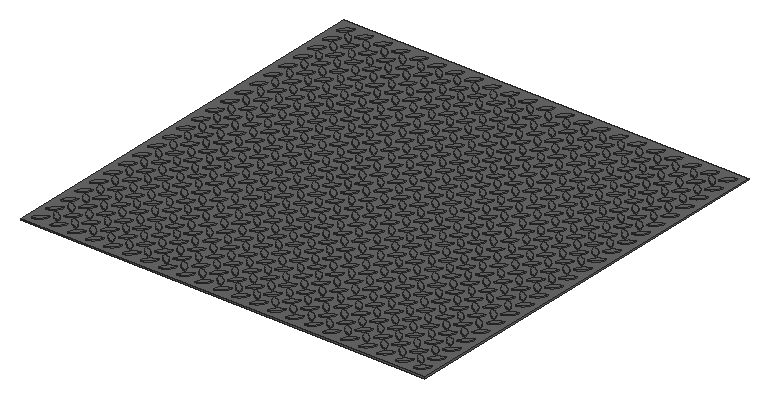
Revit family "141012021113804", category Modelos genéricos, Revit 2018 (continued)
Automatic sketch dimensions
  plane 9 "4" to Blend 85 sketch curve = 109.721 mm  (x2)
  Blend 85 sketch curve to plane 6 "3" = 111.721 mm  (x2)
  plane 9 "4" to Blend 86 sketch curve = 8.779 mm  (x2)
  Blend 86 sketch curve to plane 6 "3" = 89.221 mm  (x2)
  plane 9 "4" to Blend 87 sketch curve = 64.721 mm  (x2)
  Blend 87 sketch curve to plane 6 "3" = 111.721 mm  (x2)
  Blend 88 sketch curve to plane 7 = 44.221 mm  (x2)
  Blend 88 sketch curve to plane 6 "3" = 134.221 mm  (x2)
  Blend 89 sketch curve to plane 7 = 89.221 mm  (x2)
  Blend 89 sketch curve to plane 6 "3" = 134.221 mm  (x2)
  Blend 90 sketch curve to plane 7 = 33.279 mm  (x2)
  Blend 90 sketch curve to plane 6 "3" = 156.721 mm  (x2)
  Blend 91 sketch curve to plane 6 "3" = 134.221 mm  (x2)
  Blend 91 sketch curve to plane 7 = 134.221 mm  (x2)
  Blend 92 sketch curve to plane 7 = 78.279 mm  (x2)
  Blend 92 sketch curve to plane 6 "3" = 156.721 mm  (x2)
  Blend 93 sketch curve to plane 6 "3" = 134.221 mm  (x2)
  Blend 93 sketch curve to plane 7 = 179.221 mm  (x2)
  Blend 94 sketch curve to plane 7 = 123.279 mm  (x2)
  Blend 94 sketch curve to plane 6 "3" = 156.721 mm  (x2)
  Blend 95 sketch curve to plane 6 "3" = 134.221 mm  (x2)
  Blend 95 sketch curve to plane 7 = 224.221 mm  (x2)
  Blend 96 sketch curve to plane 6 "3" = 156.721 mm  (x2)
  Blend 96 sketch curve to plane 7 = 168.279 mm  (x2)
  Blend 97 sketch curve to plane 6 "3" = 134.221 mm  (x2)
  Blend 97 sketch curve to plane 7 = 269.221 mm  (x2)
  Blend 98 sketch curve to plane 6 "3" = 156.721 mm  (x2)
  Blend 98 sketch curve to plane 7 = 213.279 mm  (x2)
  Blend 99 sketch curve to plane 6 "3" = 134.221 mm  (x2)
  Blend 99 sketch curve to plane 7 = 314.221 mm  (x2)
  Blend 100 sketch curve to plane 6 "3" = 156.721 mm  (x2)
  Blend 100 sketch curve to plane 7 = 258.279 mm  (x2)
  Blend 101 sketch curve to plane 6 "3" = 134.221 mm  (x2)
  Blend 101 sketch curve to plane 7 = 359.221 mm  (x2)
  Blend 102 sketch curve to plane 6 "3" = 156.721 mm  (x2)
  Blend 102 sketch curve to plane 7 = 303.279 mm  (x2)
  Blend 103 sketch curve to plane 6 "3" = 134.221 mm  (x2)
  Blend 103 sketch curve to plane 7 = 404.221 mm  (x2)
  Blend 104 sketch curve to plane 6 "3" = 156.721 mm  (x2)
  Blend 104 sketch curve to plane 7 = 348.279 mm  (x2)
  Blend 105 sketch curve to plane 6 "3" = 134.221 mm  (x2)
  Blend 105 sketch curve to plane 7 = 449.221 mm  (x2)
  Blend 106 sketch curve to plane 6 "3" = 156.721 mm  (x2)
  Blend 106 sketch curve to plane 7 = 393.279 mm  (x2)
  Blend 107 sketch curve to plane 6 "3" = 134.221 mm  (x2)
  Blend 107 sketch curve to plane 7 = 494.221 mm  (x2)
  Blend 108 sketch curve to plane 6 "3" = 156.721 mm  (x2)
  Blend 108 sketch curve to plane 7 = 438.279 mm  (x2)
  Blend 109 sketch curve to plane 6 "3" = 134.221 mm  (x2)
  plane 9 "4" to Blend 109 sketch curve = 458.779 mm  (x2)
  Blend 110 sketch curve to plane 6 "3" = 156.721 mm  (x2)
  Blend 110 sketch curve to plane 7 = 483.279 mm  (x2)
  Blend 111 sketch curve to plane 6 "3" = 134.221 mm  (x2)
  plane 9 "4" to Blend 111 sketch curve = 413.779 mm  (x2)
  Blend 112 sketch curve to plane 6 "3" = 156.721 mm  (x2)
  plane 9 "4" to Blend 112 sketch curve = 469.721 mm  (x2)
  Blend 113 sketch curve to plane 6 "3" = 134.221 mm  (x2)
  plane 9 "4" to Blend 113 sketch curve = 368.779 mm  (x2)
  Blend 114 sketch curve to plane 6 "3" = 156.721 mm  (x2)
  plane 9 "4" to Blend 114 sketch curve = 424.721 mm  (x2)
  Blend 115 sketch curve to plane 6 "3" = 134.221 mm  (x2)
  plane 9 "4" to Blend 115 sketch curve = 323.779 mm  (x2)
  Blend 116 sketch curve to plane 6 "3" = 156.721 mm  (x2)
  plane 9 "4" to Blend 116 sketch curve = 379.721 mm  (x2)
  Blend 117 sketch curve to plane 6 "3" = 134.221 mm  (x2)
  plane 9 "4" to Blend 117 sketch curve = 278.779 mm  (x2)
  Blend 118 sketch curve to plane 6 "3" = 156.721 mm  (x2)
  plane 9 "4" to Blend 118 sketch curve = 334.721 mm  (x2)
  Blend 119 sketch curve to plane 6 "3" = 134.221 mm  (x2)
  plane 9 "4" to Blend 119 sketch curve = 233.779 mm  (x2)
  Blend 120 sketch curve to plane 6 "3" = 156.721 mm  (x2)
  plane 9 "4" to Blend 120 sketch curve = 289.721 mm  (x2)
  Blend 121 sketch curve to plane 6 "3" = 134.221 mm  (x2)
  plane 9 "4" to Blend 121 sketch curve = 188.779 mm  (x2)
  Blend 122 sketch curve to plane 6 "3" = 156.721 mm  (x2)
  plane 9 "4" to Blend 122 sketch curve = 244.721 mm  (x2)
  Blend 123 sketch curve to plane 6 "3" = 134.221 mm  (x2)
  plane 9 "4" to Blend 123 sketch curve = 143.779 mm  (x2)
  Blend 124 sketch curve to plane 6 "3" = 156.721 mm  (x2)
  plane 9 "4" to Blend 124 sketch curve = 199.721 mm  (x2)
  plane 9 "4" to Blend 125 sketch curve = 98.779 mm  (x2)
  Blend 125 sketch curve to plane 6 "3" = 134.221 mm  (x2)
  plane 9 "4" to Blend 126 sketch curve = 154.721 mm  (x2)
  Blend 126 sketch curve to plane 6 "3" = 156.721 mm  (x2)
  plane 9 "4" to Blend 127 sketch curve = 53.779 mm  (x2)
  Blend 127 sketch curve to plane 6 "3" = 134.221 mm  (x2)
  plane 9 "4" to Blend 128 sketch curve = 109.721 mm  (x2)
  Blend 128 sketch curve to plane 6 "3" = 156.721 mm  (x2)
  plane 9 "4" to Blend 129 sketch curve = 8.779 mm  (x2)
  Blend 129 sketch curve to plane 6 "3" = 134.221 mm  (x2)
  plane 9 "4" to Blend 130 sketch curve = 64.721 mm  (x2)
  Blend 130 sketch curve to plane 6 "3" = 156.721 mm  (x2)
  Blend 131 sketch curve to plane 7 = 44.221 mm  (x2)
  Blend 131 sketch curve to plane 6 "3" = 179.221 mm  (x2)
  Blend 132 sketch curve to plane 7 = 89.221 mm  (x2)
  Blend 132 sketch curve to plane 6 "3" = 179.221 mm  (x2)
  Blend 133 sketch curve to plane 7 = 33.279 mm  (x2)
  Blend 133 sketch curve to plane 6 "3" = 201.721 mm  (x2)
  Blend 134 sketch curve to plane 7 = 134.221 mm  (x2)
  Blend 134 sketch curve to plane 6 "3" = 179.221 mm  (x2)
  Blend 135 sketch curve to plane 7 = 78.279 mm  (x2)
  Blend 135 sketch curve to plane 6 "3" = 201.721 mm  (x2)
  Blend 136 sketch curve to plane 6 "3" = 179.221 mm  (x2)
  Blend 136 sketch curve to plane 7 = 179.221 mm  (x2)
  Blend 137 sketch curve to plane 7 = 123.279 mm  (x2)
  Blend 137 sketch curve to plane 6 "3" = 201.721 mm  (x2)
  Blend 138 sketch curve to plane 6 "3" = 179.221 mm  (x2)
  Blend 138 sketch curve to plane 7 = 224.221 mm  (x2)
  Blend 139 sketch curve to plane 7 = 168.279 mm  (x2)
  Blend 139 sketch curve to plane 6 "3" = 201.721 mm  (x2)
  Blend 140 sketch curve to plane 6 "3" = 179.221 mm  (x2)
  Blend 140 sketch curve to plane 7 = 269.221 mm  (x2)
  Blend 141 sketch curve to plane 6 "3" = 201.721 mm  (x2)
  Blend 141 sketch curve to plane 7 = 213.279 mm  (x2)
  Blend 142 sketch curve to plane 6 "3" = 179.221 mm  (x2)
  Blend 142 sketch curve to plane 7 = 314.221 mm  (x2)
  Blend 143 sketch curve to plane 6 "3" = 201.721 mm  (x2)
  Blend 143 sketch curve to plane 7 = 258.279 mm  (x2)
  Blend 144 sketch curve to plane 6 "3" = 179.221 mm  (x2)
  Blend 144 sketch curve to plane 7 = 359.221 mm  (x2)
  Blend 145 sketch curve to plane 6 "3" = 201.721 mm  (x2)
  Blend 145 sketch curve to plane 7 = 303.279 mm  (x2)
  Blend 146 sketch curve to plane 6 "3" = 179.221 mm  (x2)
  Blend 146 sketch curve to plane 7 = 404.221 mm  (x2)
  Blend 147 sketch curve to plane 6 "3" = 201.721 mm  (x2)
  Blend 147 sketch curve to plane 7 = 348.279 mm  (x2)
  Blend 148 sketch curve to plane 6 "3" = 179.221 mm  (x2)
  Blend 148 sketch curve to plane 7 = 449.221 mm  (x2)
  Blend 149 sketch curve to plane 6 "3" = 201.721 mm  (x2)
  Blend 149 sketch curve to plane 7 = 393.279 mm  (x2)
  Blend 150 sketch curve to plane 6 "3" = 179.221 mm  (x2)
  Blend 150 sketch curve to plane 7 = 494.221 mm  (x2)
  Blend 151 sketch curve to plane 6 "3" = 201.721 mm  (x2)
  Blend 151 sketch curve to plane 7 = 438.279 mm  (x2)
  Blend 152 sketch curve to plane 6 "3" = 179.221 mm  (x2)
  plane 9 "4" to Blend 152 sketch curve = 458.779 mm  (x2)
  Blend 153 sketch curve to plane 6 "3" = 201.721 mm  (x2)
  Blend 153 sketch curve to plane 7 = 483.279 mm  (x2)
  Blend 154 sketch curve to plane 6 "3" = 179.221 mm  (x2)
  plane 9 "4" to Blend 154 sketch curve = 413.779 mm  (x2)
  Blend 155 sketch curve to plane 6 "3" = 201.721 mm  (x2)
  plane 9 "4" to Blend 155 sketch curve = 469.721 mm  (x2)
  Blend 156 sketch curve to plane 6 "3" = 179.221 mm  (x2)
  plane 9 "4" to Blend 156 sketch curve = 368.779 mm  (x2)
  Blend 157 sketch curve to plane 6 "3" = 201.721 mm  (x2)
  plane 9 "4" to Blend 157 sketch curve = 424.721 mm  (x2)
  Blend 158 sketch curve to plane 6 "3" = 179.221 mm  (x2)
  plane 9 "4" to Blend 158 sketch curve = 323.779 mm  (x2)
  Blend 159 sketch curve to plane 6 "3" = 201.721 mm  (x2)
  plane 9 "4" to Blend 159 sketch curve = 379.721 mm  (x2)
  Blend 160 sketch curve to plane 6 "3" = 179.221 mm  (x2)
  plane 9 "4" to Blend 160 sketch curve = 278.779 mm  (x2)
  Blend 161 sketch curve to plane 6 "3" = 201.721 mm  (x2)
  plane 9 "4" to Blend 161 sketch curve = 334.721 mm  (x2)
  Blend 162 sketch curve to plane 6 "3" = 179.221 mm  (x2)
  plane 9 "4" to Blend 162 sketch curve = 233.779 mm  (x2)
  Blend 163 sketch curve to plane 6 "3" = 201.721 mm  (x2)
  plane 9 "4" to Blend 163 sketch curve = 289.721 mm  (x2)
  Blend 164 sketch curve to plane 6 "3" = 179.221 mm  (x2)
  plane 9 "4" to Blend 164 sketch curve = 188.779 mm  (x2)
  Blend 165 sketch curve to plane 6 "3" = 201.721 mm  (x2)
  plane 9 "4" to Blend 165 sketch curve = 244.721 mm  (x2)
  plane 9 "4" to Blend 166 sketch curve = 143.779 mm  (x2)
  Blend 166 sketch curve to plane 6 "3" = 179.221 mm  (x2)
  plane 9 "4" to Blend 167 sketch curve = 199.721 mm  (x2)
  Blend 167 sketch curve to plane 6 "3" = 201.721 mm  (x2)
  plane 9 "4" to Blend 168 sketch curve = 98.779 mm  (x2)
  Blend 168 sketch curve to plane 6 "3" = 179.221 mm  (x2)
  plane 9 "4" to Blend 169 sketch curve = 154.721 mm  (x2)
  Blend 169 sketch curve to plane 6 "3" = 201.721 mm  (x2)
  plane 9 "4" to Blend 170 sketch curve = 53.779 mm  (x2)
  Blend 170 sketch curve to plane 6 "3" = 179.221 mm  (x2)
  plane 9 "4" to Blend 171 sketch curve = 109.721 mm  (x2)
  Blend 171 sketch curve to plane 6 "3" = 201.721 mm  (x2)
  plane 9 "4" to Blend 172 sketch curve = 8.779 mm  (x2)
  Blend 172 sketch curve to plane 6 "3" = 179.221 mm  (x2)
  plane 9 "4" to Blend 173 sketch curve = 64.721 mm  (x2)
  Blend 173 sketch curve to plane 6 "3" = 201.721 mm  (x2)
  Blend 174 sketch curve to plane 7 = 44.221 mm  (x2)
  Blend 174 sketch curve to plane 6 "3" = 224.221 mm  (x2)
  Blend 175 sketch curve to plane 7 = 89.221 mm  (x2)
  Blend 175 sketch curve to plane 6 "3" = 224.221 mm  (x2)
  Blend 176 sketch curve to plane 7 = 33.279 mm  (x2)
  Blend 176 sketch curve to plane 6 "3" = 246.721 mm  (x2)
  Blend 177 sketch curve to plane 7 = 134.221 mm  (x2)
  Blend 177 sketch curve to plane 6 "3" = 224.221 mm  (x2)
  Blend 178 sketch curve to plane 7 = 78.279 mm  (x2)
  Blend 178 sketch curve to plane 6 "3" = 246.721 mm  (x2)
  Blend 179 sketch curve to plane 7 = 179.221 mm  (x2)
  Blend 179 sketch curve to plane 6 "3" = 224.221 mm  (x2)
  Blend 180 sketch curve to plane 7 = 123.279 mm  (x2)
  Blend 180 sketch curve to plane 6 "3" = 246.721 mm  (x2)
  Blend 181 sketch curve to plane 6 "3" = 224.221 mm  (x2)
  Blend 181 sketch curve to plane 7 = 224.221 mm  (x2)
  Blend 182 sketch curve to plane 7 = 168.279 mm  (x2)
  Blend 182 sketch curve to plane 6 "3" = 246.721 mm  (x2)
  Blend 183 sketch curve to plane 6 "3" = 224.221 mm  (x2)
  Blend 183 sketch curve to plane 7 = 269.221 mm  (x2)
  Blend 184 sketch curve to plane 7 = 213.279 mm  (x2)
  Blend 184 sketch curve to plane 6 "3" = 246.721 mm  (x2)
  Blend 185 sketch curve to plane 6 "3" = 224.221 mm  (x2)
  Blend 185 sketch curve to plane 7 = 314.221 mm  (x2)
  Blend 186 sketch curve to plane 6 "3" = 246.721 mm  (x2)
  Blend 186 sketch curve to plane 7 = 258.279 mm  (x2)
  Blend 187 sketch curve to plane 6 "3" = 224.221 mm  (x2)
  Blend 187 sketch curve to plane 7 = 359.221 mm  (x2)
  Blend 188 sketch curve to plane 6 "3" = 246.721 mm  (x2)
  Blend 188 sketch curve to plane 7 = 303.279 mm  (x2)
  Blend 189 sketch curve to plane 6 "3" = 224.221 mm  (x2)
  Blend 189 sketch curve to plane 7 = 404.221 mm  (x2)
  Blend 190 sketch curve to plane 6 "3" = 246.721 mm  (x2)
  Blend 190 sketch curve to plane 7 = 348.279 mm  (x2)
  Blend 191 sketch curve to plane 6 "3" = 224.221 mm  (x2)
  Blend 191 sketch curve to plane 7 = 449.221 mm  (x2)
  Blend 192 sketch curve to plane 6 "3" = 246.721 mm  (x2)
  Blend 192 sketch curve to plane 7 = 393.279 mm  (x2)
  Blend 193 sketch curve to plane 6 "3" = 224.221 mm  (x2)
  Blend 193 sketch curve to plane 7 = 494.221 mm  (x2)
  Blend 194 sketch curve to plane 6 "3" = 246.721 mm  (x2)
  Blend 194 sketch curve to plane 7 = 438.279 mm  (x2)
  Blend 195 sketch curve to plane 6 "3" = 224.221 mm  (x2)
  plane 9 "4" to Blend 195 sketch curve = 458.779 mm  (x2)
  Blend 196 sketch curve to plane 6 "3" = 246.721 mm  (x2)
  Blend 196 sketch curve to plane 7 = 483.279 mm  (x2)
  Blend 197 sketch curve to plane 6 "3" = 224.221 mm  (x2)
  plane 9 "4" to Blend 197 sketch curve = 413.779 mm  (x2)
  Blend 198 sketch curve to plane 6 "3" = 246.721 mm  (x2)
  plane 9 "4" to Blend 198 sketch curve = 469.721 mm  (x2)
  Blend 199 sketch curve to plane 6 "3" = 224.221 mm  (x2)
  plane 9 "4" to Blend 199 sketch curve = 368.779 mm  (x2)
  Blend 200 sketch curve to plane 6 "3" = 246.721 mm  (x2)
  plane 9 "4" to Blend 200 sketch curve = 424.721 mm  (x2)
  Blend 201 sketch curve to plane 6 "3" = 224.221 mm  (x2)
  plane 9 "4" to Blend 201 sketch curve = 323.779 mm  (x2)
  Blend 202 sketch curve to plane 6 "3" = 246.721 mm  (x2)
  plane 9 "4" to Blend 202 sketch curve = 379.721 mm  (x2)
  Blend 203 sketch curve to plane 6 "3" = 224.221 mm  (x2)
  plane 9 "4" to Blend 203 sketch curve = 278.779 mm  (x2)
  Blend 204 sketch curve to plane 6 "3" = 246.721 mm  (x2)
  plane 9 "4" to Blend 204 sketch curve = 334.721 mm  (x2)
  Blend 205 sketch curve to plane 6 "3" = 224.221 mm  (x2)
  plane 9 "4" to Blend 205 sketch curve = 233.779 mm  (x2)
  Blend 206 sketch curve to plane 6 "3" = 246.721 mm  (x2)
  plane 9 "4" to Blend 206 sketch curve = 289.721 mm  (x2)
  plane 9 "4" to Blend 207 sketch curve = 188.779 mm  (x2)
  Blend 207 sketch curve to plane 6 "3" = 224.221 mm  (x2)
  plane 9 "4" to Blend 208 sketch curve = 244.721 mm  (x2)
  Blend 208 sketch curve to plane 6 "3" = 246.721 mm  (x2)
  plane 9 "4" to Blend 209 sketch curve = 143.779 mm  (x2)
  Blend 209 sketch curve to plane 6 "3" = 224.221 mm  (x2)
  plane 9 "4" to Blend 210 sketch curve = 199.721 mm  (x2)
  Blend 210 sketch curve to plane 6 "3" = 246.721 mm  (x2)
  plane 9 "4" to Blend 211 sketch curve = 98.779 mm  (x2)
  Blend 211 sketch curve to plane 6 "3" = 224.221 mm  (x2)
  plane 9 "4" to Blend 212 sketch curve = 154.721 mm  (x2)
  Blend 212 sketch curve to plane 6 "3" = 246.721 mm  (x2)
  plane 9 "4" to Blend 213 sketch curve = 53.779 mm  (x2)
  Blend 213 sketch curve to plane 6 "3" = 224.221 mm  (x2)
  plane 9 "4" to Blend 214 sketch curve = 109.721 mm  (x2)
  Blend 214 sketch curve to plane 6 "3" = 246.721 mm  (x2)
  plane 9 "4" to Blend 215 sketch curve = 8.779 mm  (x2)
  Blend 215 sketch curve to plane 6 "3" = 224.221 mm  (x2)
  plane 9 "4" to Blend 216 sketch curve = 64.721 mm  (x2)
  Blend 216 sketch curve to plane 6 "3" = 246.721 mm  (x2)
  Blend 217 sketch curve to plane 7 = 44.221 mm  (x2)
  plane 1 "Center F/B" to Blend 217 sketch curve = 230.779 mm  (x2)
  Blend 218 sketch curve to plane 7 = 89.221 mm  (x2)
  plane 1 "Center F/B" to Blend 218 sketch curve = 230.779 mm  (x2)
  Blend 219 sketch curve to plane 7 = 33.279 mm  (x2)
  plane 1 "Center F/B" to Blend 219 sketch curve = 208.279 mm  (x2)
  Blend 220 sketch curve to plane 7 = 134.221 mm  (x2)
  plane 1 "Center F/B" to Blend 220 sketch curve = 230.779 mm  (x2)
  Blend 221 sketch curve to plane 7 = 78.279 mm  (x2)
  plane 1 "Center F/B" to Blend 221 sketch curve = 208.279 mm  (x2)
  Blend 222 sketch curve to plane 7 = 179.221 mm  (x2)
  plane 1 "Center F/B" to Blend 222 sketch curve = 230.779 mm  (x2)
  Blend 223 sketch curve to plane 7 = 123.279 mm  (x2)
  plane 1 "Center F/B" to Blend 223 sketch curve = 208.279 mm  (x2)
  Blend 224 sketch curve to plane 7 = 224.221 mm  (x2)
  plane 1 "Center F/B" to Blend 224 sketch curve = 230.779 mm  (x2)
  Blend 225 sketch curve to plane 7 = 168.279 mm  (x2)
  plane 1 "Center F/B" to Blend 225 sketch curve = 208.279 mm  (x2)
  plane 1 "Center F/B" to Blend 226 sketch curve = 230.779 mm  (x2)
  Blend 226 sketch curve to plane 7 = 269.221 mm  (x2)
  plane 1 "Center F/B" to Blend 227 sketch curve = 208.279 mm  (x2)
  Blend 227 sketch curve to plane 7 = 213.279 mm  (x2)
  plane 1 "Center F/B" to Blend 228 sketch curve = 230.779 mm  (x2)
  Blend 228 sketch curve to plane 7 = 314.221 mm  (x2)
  plane 1 "Center F/B" to Blend 229 sketch curve = 208.279 mm  (x2)
  Blend 229 sketch curve to plane 7 = 258.279 mm  (x2)
  plane 1 "Center F/B" to Blend 230 sketch curve = 230.779 mm  (x2)
  Blend 230 sketch curve to plane 7 = 359.221 mm  (x2)
  plane 1 "Center F/B" to Blend 231 sketch curve = 208.279 mm  (x2)
  Blend 231 sketch curve to plane 7 = 303.279 mm  (x2)
  plane 1 "Center F/B" to Blend 232 sketch curve = 230.779 mm  (x2)
  Blend 232 sketch curve to plane 7 = 404.221 mm  (x2)
  plane 1 "Center F/B" to Blend 233 sketch curve = 208.279 mm  (x2)
  Blend 233 sketch curve to plane 7 = 348.279 mm  (x2)
  plane 1 "Center F/B" to Blend 234 sketch curve = 230.779 mm  (x2)
  Blend 234 sketch curve to plane 7 = 449.221 mm  (x2)
  plane 1 "Center F/B" to Blend 235 sketch curve = 208.279 mm  (x2)
  Blend 235 sketch curve to plane 7 = 393.279 mm  (x2)
  plane 1 "Center F/B" to Blend 236 sketch curve = 230.779 mm  (x2)
  Blend 236 sketch curve to plane 7 = 494.221 mm  (x2)
  plane 1 "Center F/B" to Blend 237 sketch curve = 208.279 mm  (x2)
  Blend 237 sketch curve to plane 7 = 438.279 mm  (x2)
  plane 1 "Center F/B" to Blend 238 sketch curve = 230.779 mm  (x2)
  plane 9 "4" to Blend 238 sketch curve = 458.779 mm  (x2)
  plane 1 "Center F/B" to Blend 239 sketch curve = 208.279 mm  (x2)
  Blend 239 sketch curve to plane 7 = 483.279 mm  (x2)
  plane 1 "Center F/B" to Blend 240 sketch curve = 230.779 mm  (x2)
  plane 9 "4" to Blend 240 sketch curve = 413.779 mm  (x2)
  plane 1 "Center F/B" to Blend 241 sketch curve = 208.279 mm  (x2)
  plane 9 "4" to Blend 241 sketch curve = 469.721 mm  (x2)
  plane 1 "Center F/B" to Blend 242 sketch curve = 230.779 mm  (x2)
  plane 9 "4" to Blend 242 sketch curve = 368.779 mm  (x2)
  plane 1 "Center F/B" to Blend 243 sketch curve = 208.279 mm  (x2)
  plane 9 "4" to Blend 243 sketch curve = 424.721 mm  (x2)
  plane 1 "Center F/B" to Blend 244 sketch curve = 230.779 mm  (x2)
  plane 9 "4" to Blend 244 sketch curve = 323.779 mm  (x2)
  plane 1 "Center F/B" to Blend 245 sketch curve = 208.279 mm  (x2)
  plane 9 "4" to Blend 245 sketch curve = 379.721 mm  (x2)
  plane 1 "Center F/B" to Blend 246 sketch curve = 230.779 mm  (x2)
  plane 9 "4" to Blend 246 sketch curve = 278.779 mm  (x2)
  plane 1 "Center F/B" to Blend 247 sketch curve = 208.279 mm  (x2)
  plane 9 "4" to Blend 247 sketch curve = 334.721 mm  (x2)
  plane 1 "Center F/B" to Blend 248 sketch curve = 230.779 mm  (x2)
  plane 9 "4" to Blend 248 sketch curve = 233.779 mm  (x2)
  plane 1 "Center F/B" to Blend 249 sketch curve = 208.279 mm  (x2)
  plane 9 "4" to Blend 249 sketch curve = 289.721 mm  (x2)
  plane 9 "4" to Blend 250 sketch curve = 188.779 mm  (x2)
  plane 1 "Center F/B" to Blend 250 sketch curve = 230.779 mm  (x2)
  plane 1 "Center F/B" to Blend 251 sketch curve = 208.279 mm  (x2)
  plane 9 "4" to Blend 251 sketch curve = 244.721 mm  (x2)
  plane 9 "4" to Blend 252 sketch curve = 143.779 mm  (x2)
  plane 1 "Center F/B" to Blend 252 sketch curve = 230.779 mm  (x2)
  plane 9 "4" to Blend 253 sketch curve = 199.721 mm  (x2)
  plane 1 "Center F/B" to Blend 253 sketch curve = 208.279 mm  (x2)
  plane 9 "4" to Blend 254 sketch curve = 98.779 mm  (x2)
  plane 1 "Center F/B" to Blend 254 sketch curve = 230.779 mm  (x2)
  plane 9 "4" to Blend 255 sketch curve = 154.721 mm  (x2)
  plane 1 "Center F/B" to Blend 255 sketch curve = 208.279 mm  (x2)
  plane 9 "4" to Blend 256 sketch curve = 53.779 mm  (x2)
  plane 1 "Center F/B" to Blend 256 sketch curve = 230.779 mm  (x2)
  plane 9 "4" to Blend 257 sketch curve = 109.721 mm  (x2)
  plane 1 "Center F/B" to Blend 257 sketch curve = 208.279 mm  (x2)
  plane 9 "4" to Blend 258 sketch curve = 8.779 mm  (x2)
  plane 1 "Center F/B" to Blend 258 sketch curve = 230.779 mm  (x2)
  plane 9 "4" to Blend 259 sketch curve = 64.721 mm  (x2)
  plane 1 "Center F/B" to Blend 259 sketch curve = 208.279 mm  (x2)
  Blend 260 sketch curve to plane 7 = 44.221 mm  (x2)
  plane 1 "Center F/B" to Blend 260 sketch curve = 185.779 mm  (x2)
  Blend 261 sketch curve to plane 7 = 89.221 mm  (x2)
  plane 1 "Center F/B" to Blend 261 sketch curve = 185.779 mm  (x2)
  Blend 262 sketch curve to plane 7 = 33.279 mm  (x2)
  plane 1 "Center F/B" to Blend 262 sketch curve = 163.279 mm  (x2)
  Blend 263 sketch curve to plane 7 = 134.221 mm  (x2)
  plane 1 "Center F/B" to Blend 263 sketch curve = 185.779 mm  (x2)
  Blend 264 sketch curve to plane 7 = 78.279 mm  (x2)
  plane 1 "Center F/B" to Blend 264 sketch curve = 163.279 mm  (x2)
  Blend 265 sketch curve to plane 7 = 179.221 mm  (x2)
  plane 1 "Center F/B" to Blend 265 sketch curve = 185.779 mm  (x2)
  Blend 266 sketch curve to plane 7 = 123.279 mm  (x2)
  plane 1 "Center F/B" to Blend 266 sketch curve = 163.279 mm  (x2)
  plane 1 "Center F/B" to Blend 267 sketch curve = 185.779 mm  (x2)
  Blend 267 sketch curve to plane 7 = 224.221 mm  (x2)
  plane 1 "Center F/B" to Blend 268 sketch curve = 163.279 mm  (x2)
  Blend 268 sketch curve to plane 7 = 168.279 mm  (x2)
  plane 1 "Center F/B" to Blend 269 sketch curve = 185.779 mm  (x2)
  Blend 269 sketch curve to plane 7 = 269.221 mm  (x2)
  plane 1 "Center F/B" to Blend 270 sketch curve = 163.279 mm  (x2)
  Blend 270 sketch curve to plane 7 = 213.279 mm  (x2)
  plane 1 "Center F/B" to Blend 271 sketch curve = 185.779 mm  (x2)
  Blend 271 sketch curve to plane 7 = 314.221 mm  (x2)
  plane 1 "Center F/B" to Blend 272 sketch curve = 163.279 mm  (x2)
  Blend 272 sketch curve to plane 7 = 258.279 mm  (x2)
  plane 1 "Center F/B" to Blend 273 sketch curve = 185.779 mm  (x2)
  Blend 273 sketch curve to plane 7 = 359.221 mm  (x2)
  plane 1 "Center F/B" to Blend 274 sketch curve = 163.279 mm  (x2)
  Blend 274 sketch curve to plane 7 = 303.279 mm  (x2)
  plane 1 "Center F/B" to Blend 275 sketch curve = 185.779 mm  (x2)
  Blend 275 sketch curve to plane 7 = 404.221 mm  (x2)
  plane 1 "Center F/B" to Blend 276 sketch curve = 163.279 mm  (x2)
  Blend 276 sketch curve to plane 7 = 348.279 mm  (x2)
  plane 1 "Center F/B" to Blend 277 sketch curve = 185.779 mm  (x2)
  Blend 277 sketch curve to plane 7 = 449.221 mm  (x2)
  plane 1 "Center F/B" to Blend 278 sketch curve = 163.279 mm  (x2)
  Blend 278 sketch curve to plane 7 = 393.279 mm  (x2)
  plane 1 "Center F/B" to Blend 279 sketch curve = 185.779 mm  (x2)
  Blend 279 sketch curve to plane 7 = 494.221 mm  (x2)
  plane 1 "Center F/B" to Blend 280 sketch curve = 163.279 mm  (x2)
  Blend 280 sketch curve to plane 7 = 438.279 mm  (x2)
  plane 1 "Center F/B" to Blend 281 sketch curve = 185.779 mm  (x2)
  plane 9 "4" to Blend 281 sketch curve = 458.779 mm  (x2)
  plane 1 "Center F/B" to Blend 282 sketch curve = 163.279 mm  (x2)
  Blend 282 sketch curve to plane 7 = 483.279 mm  (x2)
  plane 1 "Center F/B" to Blend 283 sketch curve = 185.779 mm  (x2)
  plane 9 "4" to Blend 283 sketch curve = 413.779 mm  (x2)
  plane 1 "Center F/B" to Blend 284 sketch curve = 163.279 mm  (x2)
  plane 9 "4" to Blend 284 sketch curve = 469.721 mm  (x2)
  plane 1 "Center F/B" to Blend 285 sketch curve = 185.779 mm  (x2)
  plane 9 "4" to Blend 285 sketch curve = 368.779 mm  (x2)
  plane 1 "Center F/B" to Blend 286 sketch curve = 163.279 mm  (x2)
  plane 9 "4" to Blend 286 sketch curve = 424.721 mm  (x2)
  plane 1 "Center F/B" to Blend 287 sketch curve = 185.779 mm  (x2)
  plane 9 "4" to Blend 287 sketch curve = 323.779 mm  (x2)
  plane 1 "Center F/B" to Blend 288 sketch curve = 163.279 mm  (x2)
  plane 9 "4" to Blend 288 sketch curve = 379.721 mm  (x2)
  plane 1 "Center F/B" to Blend 289 sketch curve = 185.779 mm  (x2)
  plane 9 "4" to Blend 289 sketch curve = 278.779 mm  (x2)
  plane 1 "Center F/B" to Blend 290 sketch curve = 163.279 mm  (x2)
  plane 9 "4" to Blend 290 sketch curve = 334.721 mm  (x2)
  plane 1 "Center F/B" to Blend 291 sketch curve = 185.779 mm  (x2)
  plane 9 "4" to Blend 291 sketch curve = 233.779 mm  (x2)
  plane 1 "Center F/B" to Blend 292 sketch curve = 163.279 mm  (x2)
  plane 9 "4" to Blend 292 sketch curve = 289.721 mm  (x2)
  plane 1 "Center F/B" to Blend 293 sketch curve = 185.779 mm  (x2)
  plane 9 "4" to Blend 293 sketch curve = 188.779 mm  (x2)
  plane 1 "Center F/B" to Blend 294 sketch curve = 163.279 mm  (x2)
  plane 9 "4" to Blend 294 sketch curve = 244.721 mm  (x2)
  plane 9 "4" to Blend 295 sketch curve = 143.779 mm  (x2)
  plane 1 "Center F/B" to Blend 295 sketch curve = 185.779 mm  (x2)
  plane 1 "Center F/B" to Blend 296 sketch curve = 163.279 mm  (x2)
  plane 9 "4" to Blend 296 sketch curve = 199.721 mm  (x2)
  plane 9 "4" to Blend 297 sketch curve = 98.779 mm  (x2)
  plane 1 "Center F/B" to Blend 297 sketch curve = 185.779 mm  (x2)
  plane 9 "4" to Blend 298 sketch curve = 154.721 mm  (x2)
  plane 1 "Center F/B" to Blend 298 sketch curve = 163.279 mm  (x2)
  plane 9 "4" to Blend 299 sketch curve = 53.779 mm  (x2)
  plane 1 "Center F/B" to Blend 299 sketch curve = 185.779 mm  (x2)
  plane 9 "4" to Blend 300 sketch curve = 109.721 mm  (x2)
  plane 1 "Center F/B" to Blend 300 sketch curve = 163.279 mm  (x2)
  plane 9 "4" to Blend 301 sketch curve = 8.779 mm  (x2)
  plane 1 "Center F/B" to Blend 301 sketch curve = 185.779 mm  (x2)
  plane 9 "4" to Blend 302 sketch curve = 64.721 mm  (x2)
  plane 1 "Center F/B" to Blend 302 sketch curve = 163.279 mm  (x2)
  Blend 303 sketch curve to plane 7 = 44.221 mm  (x2)
  plane 1 "Center F/B" to Blend 303 sketch curve = 140.779 mm  (x2)
  Blend 304 sketch curve to plane 7 = 89.221 mm  (x2)
  plane 1 "Center F/B" to Blend 304 sketch curve = 140.779 mm  (x2)
  Blend 305 sketch curve to plane 7 = 33.279 mm  (x2)
  plane 1 "Center F/B" to Blend 305 sketch curve = 118.279 mm  (x2)
  Blend 306 sketch curve to plane 7 = 134.221 mm  (x2)
  plane 1 "Center F/B" to Blend 306 sketch curve = 140.779 mm  (x2)
  Blend 307 sketch curve to plane 7 = 78.279 mm  (x2)
  plane 1 "Center F/B" to Blend 307 sketch curve = 118.279 mm  (x2)
  plane 1 "Center F/B" to Blend 308 sketch curve = 140.779 mm  (x2)
  Blend 308 sketch curve to plane 7 = 179.221 mm  (x2)
  plane 1 "Center F/B" to Blend 309 sketch curve = 118.279 mm  (x2)
  Blend 309 sketch curve to plane 7 = 123.279 mm  (x2)
  plane 1 "Center F/B" to Blend 310 sketch curve = 140.779 mm  (x2)
  Blend 310 sketch curve to plane 7 = 224.221 mm  (x2)
  plane 1 "Center F/B" to Blend 311 sketch curve = 118.279 mm  (x2)
  Blend 311 sketch curve to plane 7 = 168.279 mm  (x2)
  plane 1 "Center F/B" to Blend 312 sketch curve = 140.779 mm  (x2)
  Blend 312 sketch curve to plane 7 = 269.221 mm  (x2)
  plane 1 "Center F/B" to Blend 313 sketch curve = 118.279 mm  (x2)
  Blend 313 sketch curve to plane 7 = 213.279 mm  (x2)
  plane 1 "Center F/B" to Blend 314 sketch curve = 140.779 mm  (x2)
  Blend 314 sketch curve to plane 7 = 314.221 mm  (x2)
  plane 1 "Center F/B" to Blend 315 sketch curve = 118.279 mm  (x2)
  Blend 315 sketch curve to plane 7 = 258.279 mm  (x2)
  plane 1 "Center F/B" to Blend 316 sketch curve = 140.779 mm  (x2)
  Blend 316 sketch curve to plane 7 = 359.221 mm  (x2)
  plane 1 "Center F/B" to Blend 317 sketch curve = 118.279 mm  (x2)
  Blend 317 sketch curve to plane 7 = 303.279 mm  (x2)
  plane 1 "Center F/B" to Blend 318 sketch curve = 140.779 mm  (x2)
  Blend 318 sketch curve to plane 7 = 404.221 mm  (x2)
  plane 1 "Center F/B" to Blend 319 sketch curve = 118.279 mm  (x2)
  Blend 319 sketch curve to plane 7 = 348.279 mm  (x2)
  plane 1 "Center F/B" to Blend 320 sketch curve = 140.779 mm  (x2)
  Blend 320 sketch curve to plane 7 = 449.221 mm  (x2)
  plane 1 "Center F/B" to Blend 321 sketch curve = 118.279 mm  (x2)
  Blend 321 sketch curve to plane 7 = 393.279 mm  (x2)
  plane 1 "Center F/B" to Blend 322 sketch curve = 140.779 mm  (x2)
  Blend 322 sketch curve to plane 7 = 494.221 mm  (x2)
  plane 1 "Center F/B" to Blend 323 sketch curve = 118.279 mm  (x2)
  Blend 323 sketch curve to plane 7 = 438.279 mm  (x2)
  plane 1 "Center F/B" to Blend 324 sketch curve = 140.779 mm  (x2)
  plane 9 "4" to Blend 324 sketch curve = 458.779 mm  (x2)
  plane 1 "Center F/B" to Blend 325 sketch curve = 118.279 mm  (x2)
  Blend 325 sketch curve to plane 7 = 483.279 mm  (x2)
  plane 1 "Center F/B" to Blend 326 sketch curve = 140.779 mm  (x2)
  plane 9 "4" to Blend 326 sketch curve = 413.779 mm  (x2)
  plane 1 "Center F/B" to Blend 327 sketch curve = 118.279 mm  (x2)
  plane 9 "4" to Blend 327 sketch curve = 469.721 mm  (x2)
  plane 1 "Center F/B" to Blend 328 sketch curve = 140.779 mm  (x2)
  plane 9 "4" to Blend 328 sketch curve = 368.779 mm  (x2)
  plane 1 "Center F/B" to Blend 329 sketch curve = 118.279 mm  (x2)
  plane 9 "4" to Blend 329 sketch curve = 424.721 mm  (x2)
  plane 1 "Center F/B" to Blend 330 sketch curve = 140.779 mm  (x2)
  plane 9 "4" to Blend 330 sketch curve = 323.779 mm  (x2)
  plane 1 "Center F/B" to Blend 331 sketch curve = 118.279 mm  (x2)
  plane 9 "4" to Blend 331 sketch curve = 379.721 mm  (x2)
  plane 1 "Center F/B" to Blend 332 sketch curve = 140.779 mm  (x2)
  plane 9 "4" to Blend 332 sketch curve = 278.779 mm  (x2)
  plane 1 "Center F/B" to Blend 333 sketch curve = 118.279 mm  (x2)
  plane 9 "4" to Blend 333 sketch curve = 334.721 mm  (x2)
  plane 1 "Center F/B" to Blend 334 sketch curve = 140.779 mm  (x2)
  plane 9 "4" to Blend 334 sketch curve = 233.779 mm  (x2)
  plane 1 "Center F/B" to Blend 335 sketch curve = 118.279 mm  (x2)
  plane 9 "4" to Blend 335 sketch curve = 289.721 mm  (x2)
  plane 1 "Center F/B" to Blend 336 sketch curve = 140.779 mm  (x2)
  plane 9 "4" to Blend 336 sketch curve = 188.779 mm  (x2)
  plane 1 "Center F/B" to Blend 337 sketch curve = 118.279 mm  (x2)
  plane 9 "4" to Blend 337 sketch curve = 244.721 mm  (x2)
  plane 1 "Center F/B" to Blend 338 sketch curve = 140.779 mm  (x2)
  plane 9 "4" to Blend 338 sketch curve = 143.779 mm  (x2)
  plane 1 "Center F/B" to Blend 339 sketch curve = 118.279 mm  (x2)
  plane 9 "4" to Blend 339 sketch curve = 199.721 mm  (x2)
  plane 9 "4" to Blend 340 sketch curve = 98.779 mm  (x2)
  plane 1 "Center F/B" to Blend 340 sketch curve = 140.779 mm  (x2)
  plane 1 "Center F/B" to Blend 341 sketch curve = 118.279 mm  (x2)
  plane 9 "4" to Blend 341 sketch curve = 154.721 mm  (x2)
  plane 9 "4" to Blend 342 sketch curve = 53.779 mm  (x2)
  plane 1 "Center F/B" to Blend 342 sketch curve = 140.779 mm  (x2)
  plane 9 "4" to Blend 343 sketch curve = 109.721 mm  (x2)
  plane 1 "Center F/B" to Blend 343 sketch curve = 118.279 mm  (x2)
  plane 9 "4" to Blend 344 sketch curve = 8.779 mm  (x2)
  plane 1 "Center F/B" to Blend 344 sketch curve = 140.779 mm  (x2)
  plane 9 "4" to Blend 345 sketch curve = 64.721 mm  (x2)
  plane 1 "Center F/B" to Blend 345 sketch curve = 118.279 mm  (x2)
  Blend 346 sketch curve to plane 7 = 44.221 mm  (x2)
  plane 1 "Center F/B" to Blend 346 sketch curve = 95.779 mm  (x2)
  Blend 347 sketch curve to plane 7 = 89.221 mm  (x2)
  plane 1 "Center F/B" to Blend 347 sketch curve = 95.779 mm  (x2)
  Blend 348 sketch curve to plane 7 = 33.279 mm  (x2)
  plane 1 "Center F/B" to Blend 348 sketch curve = 73.279 mm  (x2)
  plane 1 "Center F/B" to Blend 349 sketch curve = 95.779 mm  (x2)
  Blend 349 sketch curve to plane 7 = 134.221 mm  (x2)
  plane 1 "Center F/B" to Blend 350 sketch curve = 73.279 mm  (x2)
  Blend 350 sketch curve to plane 7 = 78.279 mm  (x2)
  plane 1 "Center F/B" to Blend 351 sketch curve = 95.779 mm  (x2)
  Blend 351 sketch curve to plane 7 = 179.221 mm  (x2)
  plane 1 "Center F/B" to Blend 352 sketch curve = 73.279 mm  (x2)
  Blend 352 sketch curve to plane 7 = 123.279 mm  (x2)
  plane 1 "Center F/B" to Blend 353 sketch curve = 95.779 mm  (x2)
  Blend 353 sketch curve to plane 7 = 224.221 mm  (x2)
  plane 1 "Center F/B" to Blend 354 sketch curve = 73.279 mm  (x2)
  Blend 354 sketch curve to plane 7 = 168.279 mm  (x2)
  plane 1 "Center F/B" to Blend 355 sketch curve = 95.779 mm  (x2)
  Blend 355 sketch curve to plane 7 = 269.221 mm  (x2)
  plane 1 "Center F/B" to Blend 356 sketch curve = 73.279 mm  (x2)
  Blend 356 sketch curve to plane 7 = 213.279 mm  (x2)
  plane 1 "Center F/B" to Blend 357 sketch curve = 95.779 mm  (x2)
  Blend 357 sketch curve to plane 7 = 314.221 mm  (x2)
  plane 1 "Center F/B" to Blend 358 sketch curve = 73.279 mm  (x2)
  Blend 358 sketch curve to plane 7 = 258.279 mm  (x2)
  plane 1 "Center F/B" to Blend 359 sketch curve = 95.779 mm  (x2)
  Blend 359 sketch curve to plane 7 = 359.221 mm  (x2)
  plane 1 "Center F/B" to Blend 360 sketch curve = 73.279 mm  (x2)
  Blend 360 sketch curve to plane 7 = 303.279 mm  (x2)
  plane 1 "Center F/B" to Blend 361 sketch curve = 95.779 mm  (x2)
  Blend 361 sketch curve to plane 7 = 404.221 mm  (x2)
  plane 1 "Center F/B" to Blend 362 sketch curve = 73.279 mm  (x2)
  Blend 362 sketch curve to plane 7 = 348.279 mm  (x2)
  plane 1 "Center F/B" to Blend 363 sketch curve = 95.779 mm  (x2)
  Blend 363 sketch curve to plane 7 = 449.221 mm  (x2)
  plane 1 "Center F/B" to Blend 364 sketch curve = 73.279 mm  (x2)
  Blend 364 sketch curve to plane 7 = 393.279 mm  (x2)
  plane 1 "Center F/B" to Blend 365 sketch curve = 95.779 mm  (x2)
  Blend 365 sketch curve to plane 7 = 494.221 mm  (x2)
  plane 1 "Center F/B" to Blend 366 sketch curve = 73.279 mm  (x2)
  Blend 366 sketch curve to plane 7 = 438.279 mm  (x2)
  plane 1 "Center F/B" to Blend 367 sketch curve = 95.779 mm  (x2)
  plane 9 "4" to Blend 367 sketch curve = 458.779 mm  (x2)
  plane 1 "Center F/B" to Blend 368 sketch curve = 73.279 mm  (x2)
  Blend 368 sketch curve to plane 7 = 483.279 mm  (x2)
  plane 1 "Center F/B" to Blend 369 sketch curve = 95.779 mm  (x2)
  plane 9 "4" to Blend 369 sketch curve = 413.779 mm  (x2)
  plane 1 "Center F/B" to Blend 370 sketch curve = 73.279 mm  (x2)
  plane 9 "4" to Blend 370 sketch curve = 469.721 mm  (x2)
  plane 1 "Center F/B" to Blend 371 sketch curve = 95.779 mm  (x2)
  plane 9 "4" to Blend 371 sketch curve = 368.779 mm  (x2)
  plane 1 "Center F/B" to Blend 372 sketch curve = 73.279 mm  (x2)
  plane 9 "4" to Blend 372 sketch curve = 424.721 mm  (x2)
  plane 1 "Center F/B" to Blend 373 sketch curve = 95.779 mm  (x2)
  plane 9 "4" to Blend 373 sketch curve = 323.779 mm  (x2)
  plane 1 "Center F/B" to Blend 374 sketch curve = 73.279 mm  (x2)
  plane 9 "4" to Blend 374 sketch curve = 379.721 mm  (x2)
  plane 1 "Center F/B" to Blend 375 sketch curve = 95.779 mm  (x2)
  plane 9 "4" to Blend 375 sketch curve = 278.779 mm  (x2)
  plane 1 "Center F/B" to Blend 376 sketch curve = 73.279 mm  (x2)
  plane 9 "4" to Blend 376 sketch curve = 334.721 mm  (x2)
  plane 1 "Center F/B" to Blend 377 sketch curve = 95.779 mm  (x2)
  plane 9 "4" to Blend 377 sketch curve = 233.779 mm  (x2)
  plane 1 "Center F/B" to Blend 378 sketch curve = 73.279 mm  (x2)
  plane 9 "4" to Blend 378 sketch curve = 289.721 mm  (x2)
  plane 1 "Center F/B" to Blend 379 sketch curve = 95.779 mm  (x2)
  plane 9 "4" to Blend 379 sketch curve = 188.779 mm  (x2)
  plane 1 "Center F/B" to Blend 380 sketch curve = 73.279 mm  (x2)
  plane 9 "4" to Blend 380 sketch curve = 244.721 mm  (x2)
  plane 1 "Center F/B" to Blend 381 sketch curve = 95.779 mm  (x2)
  plane 9 "4" to Blend 381 sketch curve = 143.779 mm  (x2)
  plane 1 "Center F/B" to Blend 382 sketch curve = 73.279 mm  (x2)
  plane 9 "4" to Blend 382 sketch curve = 199.721 mm  (x2)
  plane 1 "Center F/B" to Blend 383 sketch curve = 95.779 mm  (x2)
  plane 9 "4" to Blend 383 sketch curve = 98.779 mm  (x2)
  plane 1 "Center F/B" to Blend 384 sketch curve = 73.279 mm  (x2)
  plane 9 "4" to Blend 384 sketch curve = 154.721 mm  (x2)
  plane 9 "4" to Blend 385 sketch curve = 53.779 mm  (x2)
  plane 1 "Center F/B" to Blend 385 sketch curve = 95.779 mm  (x2)
  plane 1 "Center F/B" to Blend 386 sketch curve = 73.279 mm  (x2)
  plane 9 "4" to Blend 386 sketch curve = 109.721 mm  (x2)
  plane 9 "4" to Blend 387 sketch curve = 8.779 mm  (x2)
  plane 1 "Center F/B" to Blend 387 sketch curve = 95.779 mm  (x2)
  plane 9 "4" to Blend 388 sketch curve = 64.721 mm  (x2)
  plane 1 "Center F/B" to Blend 388 sketch curve = 73.279 mm  (x2)
  Blend 389 sketch curve to plane 7 = 44.221 mm  (x2)
  plane 1 "Center F/B" to Blend 389 sketch curve = 50.779 mm  (x2)
  plane 1 "Center F/B" to Blend 390 sketch curve = 50.779 mm  (x2)
  Blend 390 sketch curve to plane 7 = 89.221 mm  (x2)
  plane 1 "Center F/B" to Blend 391 sketch curve = 28.279 mm  (x2)
  Blend 391 sketch curve to plane 7 = 33.279 mm  (x2)
  plane 1 "Center F/B" to Blend 392 sketch curve = 50.779 mm  (x2)
  Blend 392 sketch curve to plane 7 = 134.221 mm  (x2)
  plane 1 "Center F/B" to Blend 393 sketch curve = 28.279 mm  (x2)
  Blend 393 sketch curve to plane 7 = 78.279 mm  (x2)
  plane 1 "Center F/B" to Blend 394 sketch curve = 50.779 mm  (x2)
  Blend 394 sketch curve to plane 7 = 179.221 mm  (x2)
  plane 1 "Center F/B" to Blend 395 sketch curve = 28.279 mm  (x2)
  Blend 395 sketch curve to plane 7 = 123.279 mm  (x2)
  plane 1 "Center F/B" to Blend 396 sketch curve = 50.779 mm  (x2)
  Blend 396 sketch curve to plane 7 = 224.221 mm  (x2)
  plane 1 "Center F/B" to Blend 397 sketch curve = 28.279 mm  (x2)
  Blend 397 sketch curve to plane 7 = 168.279 mm  (x2)
  plane 1 "Center F/B" to Blend 398 sketch curve = 50.779 mm  (x2)
  Blend 398 sketch curve to plane 7 = 269.221 mm  (x2)
  plane 1 "Center F/B" to Blend 399 sketch curve = 28.279 mm  (x2)
  Blend 399 sketch curve to plane 7 = 213.279 mm  (x2)
  plane 1 "Center F/B" to Blend 400 sketch curve = 50.779 mm  (x2)
  Blend 400 sketch curve to plane 7 = 314.221 mm  (x2)
  plane 1 "Center F/B" to Blend 401 sketch curve = 28.279 mm  (x2)
  Blend 401 sketch curve to plane 7 = 258.279 mm  (x2)
  plane 1 "Center F/B" to Blend 402 sketch curve = 50.779 mm  (x2)
  Blend 402 sketch curve to plane 7 = 359.221 mm  (x2)
  plane 1 "Center F/B" to Blend 403 sketch curve = 28.279 mm  (x2)
  Blend 403 sketch curve to plane 7 = 303.279 mm  (x2)
  plane 1 "Center F/B" to Blend 404 sketch curve = 50.779 mm  (x2)
  Blend 404 sketch curve to plane 7 = 404.221 mm  (x2)
  plane 1 "Center F/B" to Blend 405 sketch curve = 28.279 mm  (x2)
  Blend 405 sketch curve to plane 7 = 348.279 mm  (x2)
  plane 1 "Center F/B" to Blend 406 sketch curve = 50.779 mm  (x2)
  Blend 406 sketch curve to plane 7 = 449.221 mm  (x2)
  plane 1 "Center F/B" to Blend 407 sketch curve = 28.279 mm  (x2)
  Blend 407 sketch curve to plane 7 = 393.279 mm  (x2)
  plane 1 "Center F/B" to Blend 408 sketch curve = 50.779 mm  (x2)
  Blend 408 sketch curve to plane 7 = 494.221 mm  (x2)
  plane 1 "Center F/B" to Blend 409 sketch curve = 28.279 mm  (x2)
  Blend 409 sketch curve to plane 7 = 438.279 mm  (x2)
  plane 1 "Center F/B" to Blend 410 sketch curve = 50.779 mm  (x2)
  plane 9 "4" to Blend 410 sketch curve = 458.779 mm  (x2)
  plane 1 "Center F/B" to Blend 411 sketch curve = 28.279 mm  (x2)
  Blend 411 sketch curve to plane 7 = 483.279 mm  (x2)
  plane 1 "Center F/B" to Blend 412 sketch curve = 50.779 mm  (x2)
  plane 9 "4" to Blend 412 sketch curve = 413.779 mm  (x2)
  plane 1 "Center F/B" to Blend 413 sketch curve = 28.279 mm  (x2)
  plane 9 "4" to Blend 413 sketch curve = 469.721 mm  (x2)
  plane 1 "Center F/B" to Blend 414 sketch curve = 50.779 mm  (x2)
  plane 9 "4" to Blend 414 sketch curve = 368.779 mm  (x2)
  plane 1 "Center F/B" to Blend 415 sketch curve = 28.279 mm  (x2)
  plane 9 "4" to Blend 415 sketch curve = 424.721 mm  (x2)
  plane 1 "Center F/B" to Blend 416 sketch curve = 50.779 mm  (x2)
  plane 9 "4" to Blend 416 sketch curve = 323.779 mm  (x2)
  plane 1 "Center F/B" to Blend 417 sketch curve = 28.279 mm  (x2)
  plane 9 "4" to Blend 417 sketch curve = 379.721 mm  (x2)
  plane 1 "Center F/B" to Blend 418 sketch curve = 50.779 mm  (x2)
  plane 9 "4" to Blend 418 sketch curve = 278.779 mm  (x2)
  plane 1 "Center F/B" to Blend 419 sketch curve = 28.279 mm  (x2)
  plane 9 "4" to Blend 419 sketch curve = 334.721 mm  (x2)
  plane 1 "Center F/B" to Blend 420 sketch curve = 50.779 mm  (x2)
  plane 9 "4" to Blend 420 sketch curve = 233.779 mm  (x2)
  plane 1 "Center F/B" to Blend 421 sketch curve = 28.279 mm  (x2)
  plane 9 "4" to Blend 421 sketch curve = 289.721 mm  (x2)
  plane 1 "Center F/B" to Blend 422 sketch curve = 50.779 mm  (x2)
  plane 9 "4" to Blend 422 sketch curve = 188.779 mm  (x2)
  plane 1 "Center F/B" to Blend 423 sketch curve = 28.279 mm  (x2)
  plane 9 "4" to Blend 423 sketch curve = 244.721 mm  (x2)
  plane 1 "Center F/B" to Blend 424 sketch curve = 50.779 mm  (x2)
  plane 9 "4" to Blend 424 sketch curve = 143.779 mm  (x2)
  plane 1 "Center F/B" to Blend 425 sketch curve = 28.279 mm  (x2)
  plane 9 "4" to Blend 425 sketch curve = 199.721 mm  (x2)
  plane 1 "Center F/B" to Blend 426 sketch curve = 50.779 mm  (x2)
  plane 9 "4" to Blend 426 sketch curve = 98.779 mm  (x2)
  plane 1 "Center F/B" to Blend 427 sketch curve = 28.279 mm  (x2)
  plane 9 "4" to Blend 427 sketch curve = 154.721 mm  (x2)
  plane 1 "Center F/B" to Blend 428 sketch curve = 50.779 mm  (x2)
  plane 9 "4" to Blend 428 sketch curve = 53.779 mm  (x2)
  plane 1 "Center F/B" to Blend 429 sketch curve = 28.279 mm  (x2)
  plane 9 "4" to Blend 429 sketch curve = 109.721 mm  (x2)
  plane 9 "4" to Blend 430 sketch curve = 8.779 mm  (x2)
  plane 1 "Center F/B" to Blend 430 sketch curve = 50.779 mm  (x2)
  plane 1 "Center F/B" to Blend 431 sketch curve = 28.279 mm  (x2)
  plane 9 "4" to Blend 431 sketch curve = 64.721 mm  (x2)
  plane 1 "Center F/B" to Blend 432 sketch curve = 5.779 mm  (x2)
  Blend 432 sketch curve to plane 7 = 44.221 mm  (x2)
  plane 1 "Center F/B" to Blend 433 sketch curve = 5.779 mm  (x2)
  Blend 433 sketch curve to plane 7 = 89.221 mm  (x2)
  Blend 434 sketch curve to plane 1 "Center F/B" = 16.721 mm  (x2)
  Blend 434 sketch curve to plane 7 = 33.279 mm  (x2)
  plane 1 "Center F/B" to Blend 435 sketch curve = 5.779 mm  (x2)
  Blend 435 sketch curve to plane 7 = 134.221 mm  (x2)
  Blend 436 sketch curve to plane 1 "Center F/B" = 16.721 mm  (x2)
  Blend 436 sketch curve to plane 7 = 78.279 mm  (x2)
  plane 1 "Center F/B" to Blend 437 sketch curve = 5.779 mm  (x2)
  Blend 437 sketch curve to plane 7 = 179.221 mm  (x2)
  Blend 438 sketch curve to plane 1 "Center F/B" = 16.721 mm  (x2)
  Blend 438 sketch curve to plane 7 = 123.279 mm  (x2)
  plane 1 "Center F/B" to Blend 439 sketch curve = 5.779 mm  (x2)
  Blend 439 sketch curve to plane 7 = 224.221 mm  (x2)
  Blend 440 sketch curve to plane 1 "Center F/B" = 16.721 mm  (x2)
  Blend 440 sketch curve to plane 7 = 168.279 mm  (x2)
  plane 1 "Center F/B" to Blend 441 sketch curve = 5.779 mm  (x2)
  Blend 441 sketch curve to plane 7 = 269.221 mm  (x2)
  Blend 442 sketch curve to plane 1 "Center F/B" = 16.721 mm  (x2)
  Blend 442 sketch curve to plane 7 = 213.279 mm  (x2)
  plane 1 "Center F/B" to Blend 443 sketch curve = 5.779 mm  (x2)
  Blend 443 sketch curve to plane 7 = 314.221 mm  (x2)
  Blend 444 sketch curve to plane 1 "Center F/B" = 16.721 mm  (x2)
  Blend 444 sketch curve to plane 7 = 258.279 mm  (x2)
  plane 1 "Center F/B" to Blend 445 sketch curve = 5.779 mm  (x2)
  Blend 445 sketch curve to plane 7 = 359.221 mm  (x2)
  Blend 446 sketch curve to plane 1 "Center F/B" = 16.721 mm  (x2)
  Blend 446 sketch curve to plane 7 = 303.279 mm  (x2)
  plane 1 "Center F/B" to Blend 447 sketch curve = 5.779 mm  (x2)
  Blend 447 sketch curve to plane 7 = 404.221 mm  (x2)
  Blend 448 sketch curve to plane 1 "Center F/B" = 16.721 mm  (x2)
  Blend 448 sketch curve to plane 7 = 348.279 mm  (x2)
  plane 1 "Center F/B" to Blend 449 sketch curve = 5.779 mm  (x2)
  Blend 449 sketch curve to plane 7 = 449.221 mm  (x2)
  Blend 450 sketch curve to plane 1 "Center F/B" = 16.721 mm  (x2)
  Blend 450 sketch curve to plane 7 = 393.279 mm  (x2)
  plane 1 "Center F/B" to Blend 451 sketch curve = 5.779 mm  (x2)
  Blend 451 sketch curve to plane 7 = 494.221 mm  (x2)
  Blend 452 sketch curve to plane 1 "Center F/B" = 16.721 mm  (x2)
  Blend 452 sketch curve to plane 7 = 438.279 mm  (x2)
  plane 1 "Center F/B" to Blend 453 sketch curve = 5.779 mm  (x2)
  plane 9 "4" to Blend 453 sketch curve = 458.779 mm  (x2)
  Blend 454 sketch curve to plane 1 "Center F/B" = 16.721 mm  (x2)
  Blend 454 sketch curve to plane 7 = 483.279 mm  (x2)
  plane 1 "Center F/B" to Blend 455 sketch curve = 5.779 mm  (x2)
  plane 9 "4" to Blend 455 sketch curve = 413.779 mm  (x2)
  Blend 456 sketch curve to plane 1 "Center F/B" = 16.721 mm  (x2)
  plane 9 "4" to Blend 456 sketch curve = 469.721 mm  (x2)
  plane 1 "Center F/B" to Blend 457 sketch curve = 5.779 mm  (x2)
  plane 9 "4" to Blend 457 sketch curve = 368.779 mm  (x2)
  Blend 458 sketch curve to plane 1 "Center F/B" = 16.721 mm  (x2)
  plane 9 "4" to Blend 458 sketch curve = 424.721 mm  (x2)
  plane 1 "Center F/B" to Blend 459 sketch curve = 5.779 mm  (x2)
  plane 9 "4" to Blend 459 sketch curve = 323.779 mm  (x2)
  Blend 460 sketch curve to plane 1 "Center F/B" = 16.721 mm  (x2)
  plane 9 "4" to Blend 460 sketch curve = 379.721 mm  (x2)
  plane 1 "Center F/B" to Blend 461 sketch curve = 5.779 mm  (x2)
  plane 9 "4" to Blend 461 sketch curve = 278.779 mm  (x2)
  Blend 462 sketch curve to plane 1 "Center F/B" = 16.721 mm  (x2)
  plane 9 "4" to Blend 462 sketch curve = 334.721 mm  (x2)
  plane 1 "Center F/B" to Blend 463 sketch curve = 5.779 mm  (x2)
  plane 9 "4" to Blend 463 sketch curve = 233.779 mm  (x2)
  Blend 464 sketch curve to plane 1 "Center F/B" = 16.721 mm  (x2)
  plane 9 "4" to Blend 464 sketch curve = 289.721 mm  (x2)
  plane 1 "Center F/B" to Blend 465 sketch curve = 5.779 mm  (x2)
  plane 9 "4" to Blend 465 sketch curve = 188.779 mm  (x2)
  Blend 466 sketch curve to plane 1 "Center F/B" = 16.721 mm  (x2)
  plane 9 "4" to Blend 466 sketch curve = 244.721 mm  (x2)
  plane 1 "Center F/B" to Blend 467 sketch curve = 5.779 mm  (x2)
  plane 9 "4" to Blend 467 sketch curve = 143.779 mm  (x2)
  Blend 468 sketch curve to plane 1 "Center F/B" = 16.721 mm  (x2)
  plane 9 "4" to Blend 468 sketch curve = 199.721 mm  (x2)
  plane 1 "Center F/B" to Blend 469 sketch curve = 5.779 mm  (x2)
  plane 9 "4" to Blend 469 sketch curve = 98.779 mm  (x2)
  Blend 470 sketch curve to plane 1 "Center F/B" = 16.721 mm  (x2)
  plane 9 "4" to Blend 470 sketch curve = 154.721 mm  (x2)
  plane 1 "Center F/B" to Blend 471 sketch curve = 5.779 mm  (x2)
  plane 9 "4" to Blend 471 sketch curve = 53.779 mm  (x2)
  Blend 472 sketch curve to plane 1 "Center F/B" = 16.721 mm  (x2)
  plane 9 "4" to Blend 472 sketch curve = 109.721 mm  (x2)
  plane 1 "Center F/B" to Blend 473 sketch curve = 5.779 mm  (x2)
  plane 9 "4" to Blend 473 sketch curve = 8.779 mm  (x2)
  Blend 474 sketch curve to plane 1 "Center F/B" = 16.721 mm  (x2)
  plane 9 "4" to Blend 474 sketch curve = 64.721 mm  (x2)
  Blend 475 sketch curve to plane 1 "Center F/B" = 39.221 mm  (x2)
  Blend 475 sketch curve to plane 7 = 44.221 mm  (x2)
  Blend 476 sketch curve to plane 1 "Center F/B" = 39.221 mm  (x2)
  Blend 476 sketch curve to plane 7 = 89.221 mm  (x2)
  Blend 477 sketch curve to plane 7 = 33.279 mm  (x2)
  Blend 477 sketch curve to plane 1 "Center F/B" = 61.721 mm  (x2)
  Blend 478 sketch curve to plane 1 "Center F/B" = 39.221 mm  (x2)
  Blend 478 sketch curve to plane 7 = 134.221 mm  (x2)
  Blend 479 sketch curve to plane 1 "Center F/B" = 61.721 mm  (x2)
  Blend 479 sketch curve to plane 7 = 78.279 mm  (x2)
  Blend 480 sketch curve to plane 1 "Center F/B" = 39.221 mm  (x2)
  Blend 480 sketch curve to plane 7 = 179.221 mm  (x2)
  Blend 481 sketch curve to plane 1 "Center F/B" = 61.721 mm  (x2)
  Blend 481 sketch curve to plane 7 = 123.279 mm  (x2)
  Blend 482 sketch curve to plane 1 "Center F/B" = 39.221 mm  (x2)
  Blend 482 sketch curve to plane 7 = 224.221 mm  (x2)
  Blend 483 sketch curve to plane 1 "Center F/B" = 61.721 mm  (x2)
  Blend 483 sketch curve to plane 7 = 168.279 mm  (x2)
  Blend 484 sketch curve to plane 1 "Center F/B" = 39.221 mm  (x2)
  Blend 484 sketch curve to plane 7 = 269.221 mm  (x2)
  Blend 485 sketch curve to plane 1 "Center F/B" = 61.721 mm  (x2)
  Blend 485 sketch curve to plane 7 = 213.279 mm  (x2)
  Blend 486 sketch curve to plane 1 "Center F/B" = 39.221 mm  (x2)
  Blend 486 sketch curve to plane 7 = 314.221 mm  (x2)
  Blend 487 sketch curve to plane 1 "Center F/B" = 61.721 mm  (x2)
  Blend 487 sketch curve to plane 7 = 258.279 mm  (x2)
  Blend 488 sketch curve to plane 1 "Center F/B" = 39.221 mm  (x2)
  Blend 488 sketch curve to plane 7 = 359.221 mm  (x2)
  Blend 489 sketch curve to plane 1 "Center F/B" = 61.721 mm  (x2)
  Blend 489 sketch curve to plane 7 = 303.279 mm  (x2)
  Blend 490 sketch curve to plane 1 "Center F/B" = 39.221 mm  (x2)
  Blend 490 sketch curve to plane 7 = 404.221 mm  (x2)
  Blend 491 sketch curve to plane 1 "Center F/B" = 61.721 mm  (x2)
  Blend 491 sketch curve to plane 7 = 348.279 mm  (x2)
  Blend 492 sketch curve to plane 1 "Center F/B" = 39.221 mm  (x2)
  Blend 492 sketch curve to plane 7 = 449.221 mm  (x2)
  Blend 493 sketch curve to plane 1 "Center F/B" = 61.721 mm  (x2)
  Blend 493 sketch curve to plane 7 = 393.279 mm  (x2)
  Blend 494 sketch curve to plane 1 "Center F/B" = 39.221 mm  (x2)
  Blend 494 sketch curve to plane 7 = 494.221 mm  (x2)
  Blend 495 sketch curve to plane 1 "Center F/B" = 61.721 mm  (x2)
  Blend 495 sketch curve to plane 7 = 438.279 mm  (x2)
  Blend 496 sketch curve to plane 1 "Center F/B" = 39.221 mm  (x2)
  plane 9 "4" to Blend 496 sketch curve = 458.779 mm  (x2)
  Blend 497 sketch curve to plane 1 "Center F/B" = 61.721 mm  (x2)
  Blend 497 sketch curve to plane 7 = 483.279 mm  (x2)
  Blend 498 sketch curve to plane 1 "Center F/B" = 39.221 mm  (x2)
  plane 9 "4" to Blend 498 sketch curve = 413.779 mm  (x2)
  Blend 499 sketch curve to plane 1 "Center F/B" = 61.721 mm  (x2)
  plane 9 "4" to Blend 499 sketch curve = 469.721 mm  (x2)
  Blend 500 sketch curve to plane 1 "Center F/B" = 39.221 mm  (x2)
  plane 9 "4" to Blend 500 sketch curve = 368.779 mm  (x2)
  Blend 501 sketch curve to plane 1 "Center F/B" = 61.721 mm  (x2)
  plane 9 "4" to Blend 501 sketch curve = 424.721 mm  (x2)
  Blend 502 sketch curve to plane 1 "Center F/B" = 39.221 mm  (x2)
  plane 9 "4" to Blend 502 sketch curve = 323.779 mm  (x2)
  Blend 503 sketch curve to plane 1 "Center F/B" = 61.721 mm  (x2)
  plane 9 "4" to Blend 503 sketch curve = 379.721 mm  (x2)
  Blend 504 sketch curve to plane 1 "Center F/B" = 39.221 mm  (x2)
  plane 9 "4" to Blend 504 sketch curve = 278.779 mm  (x2)
  Blend 505 sketch curve to plane 1 "Center F/B" = 61.721 mm  (x2)
  plane 9 "4" to Blend 505 sketch curve = 334.721 mm  (x2)
  Blend 506 sketch curve to plane 1 "Center F/B" = 39.221 mm  (x2)
  plane 9 "4" to Blend 506 sketch curve = 233.779 mm  (x2)
  Blend 507 sketch curve to plane 1 "Center F/B" = 61.721 mm  (x2)
  plane 9 "4" to Blend 507 sketch curve = 289.721 mm  (x2)
  Blend 508 sketch curve to plane 1 "Center F/B" = 39.221 mm  (x2)
  plane 9 "4" to Blend 508 sketch curve = 188.779 mm  (x2)
  Blend 509 sketch curve to plane 1 "Center F/B" = 61.721 mm  (x2)
  plane 9 "4" to Blend 509 sketch curve = 244.721 mm  (x2)
  Blend 510 sketch curve to plane 1 "Center F/B" = 39.221 mm  (x2)
  plane 9 "4" to Blend 510 sketch curve = 143.779 mm  (x2)
  Blend 511 sketch curve to plane 1 "Center F/B" = 61.721 mm  (x2)
  plane 9 "4" to Blend 511 sketch curve = 199.721 mm  (x2)
  Blend 512 sketch curve to plane 1 "Center F/B" = 39.221 mm  (x2)
  plane 9 "4" to Blend 512 sketch curve = 98.779 mm  (x2)
  Blend 513 sketch curve to plane 1 "Center F/B" = 61.721 mm  (x2)
  plane 9 "4" to Blend 513 sketch curve = 154.721 mm  (x2)
  Blend 514 sketch curve to plane 1 "Center F/B" = 39.221 mm  (x2)
  plane 9 "4" to Blend 514 sketch curve = 53.779 mm  (x2)
